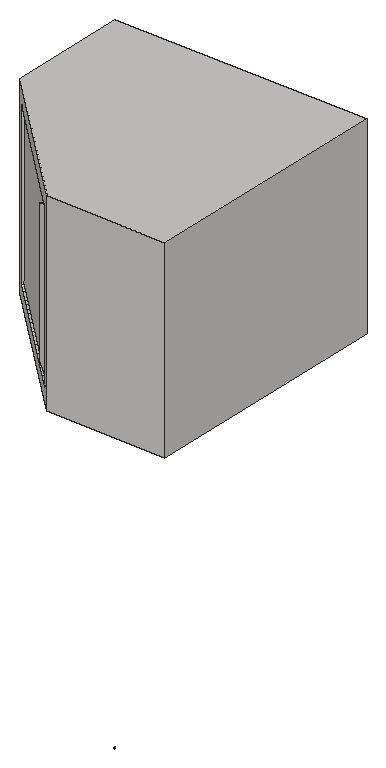
Revit family "QF_ELECTROLUXPROFESSIONAL_133123_PAB800EN", category Attrezzature speciali, Revit 2020
Family settings
  Quota connettore circolare = Usa diametro
  Tipo di parte = Normale
  Basato su piano di lavoro = No
  Sempre verticale = Sì
  Taglio con vuoti quando caricato = No
  Condiviso = No
  Punto di calcolo locali = No
Parameters (values of type "Standard")
  Weight = 18.00 kg
  Watts = 0 W
  Volts = 0 V
  URL Manufacturer = "https://www.electroluxprofessional.com/"
  URL = "https://www.electroluxprofessional.com/"
  Steam Supply Size = 0 mm
  Steam Supply Minimum Pressure = 0.0 Pa
  Steam Supply Maximum Pressure = 0.0 Pa
  Steam Consumption per Hour = 0
  Refrigeration Suction Line Size = 0.0 mm
  Refrigeration Liquid Line Size = 0.0 mm
  Refrigerant Compressor Remote = yes
  Prospetto di default = 0.0 mm
  Phase = 0
  Modello = "PAB800EN"
  Produttore = "Electrolux Professional"
  Length Actual = 850.0 mm  # constant formula
  Item Number = "133123"
  Hot Water Size = 0 mm
  Height Actual = 650.0 mm  # constant formula
  HP = "0 HP"
  Gas Size = 0 mm
  Gas KW = 0
  Gas Input Pressure = 0 W
  Direct Waste Size = 0 mm
  Descrizione = "CORNER TYPE WALL CUPBOARD WITH 1 DOOR"
  Depth Actual = 850.0 mm  # constant formula
  Cycle = 0 Hz
  Condensate Return Size = 0 mm
  Compressed Air Volume = 0.0 L/s
  Compressed Air Size = 0 mm
  Compressed Air Pressure = 0.0 Pa
  Cold Water Size = 0 mm
  Accessory = yes
Reference planes
  plane 1: z = 0
  plane 2 "Center (Left/Right)": through (-211.258, -36.758, 0) normal (0.7071, -0.7071, 0)
  plane 3 "Base": z = 2200
  plane 4 "BASE": z = 1550
  plane 5: through (-946.284, 371.916, 4000) normal (0.7071, 0.7071, 0)
  plane 6: through (-487.609, -14.003, 4000) normal (0.7071, -0.7071, 0)
  plane 7: y = -424.606
  plane 8 "Top": y = 425.394
  plane 9: x = -150
  plane 10: x = 250
  plane 11 "Left": x = -600
  plane 12: y = 25.394
Forms (mm)
  Extrusion 1, solid, material "QF_Finishes_Stainless Steel"
    sketch origin (0, 0, 1550) x (-1, 0, 0) y (0, -1, 0)
      loop
        line (133.752, 391.071) -> (130.216, 394.606) -> (126.681, 391.071) -> (130.216, 387.535) -> (133.752, 391.071)
    from 50 to 53
  Extrusion 2, solid, material "QF_Finishes_Stainless Steel"
    sketch origin (0, 0, 1550) x (-1, 0, 0) y (0, -1, 0)
      loop
        line (600, -425.394) -> (600, -25.632) -> (569.595, 4.772) -> (548.382, -16.441) -> (570, -38.059) -> (570, -395.394) -> (-220.894, -395.394) -> (-220.894, 394.606) -> (137.335, 394.606) -> (158.059, 373.882) -> (179.272, 395.095) -> (149.762, 424.606) -> (-250.894, 424.606) -> (-250.894, -425.394) -> (600, -425.394)
    from 50 to 595
  Extrusion 3, solid, material "QF_Finishes_Stainless Steel"
    sketch origin (0, 0, 1550) x (-1, 0, 0) y (0, -1, 0)
      loop
        line (600, -425.394) -> (600, -25.632) -> (149.762, 424.606) -> (-250.894, 424.606) -> (-250.894, -425.394) -> (600, -425.394)
    from 0 to 50
  Extrusion 4, solid, material "QF_Finishes_Stainless Steel"
    sketch origin (0, 0, 0) x (1, 0, 0) y (0, 1, 0)
      loop
        line (-600, 425.394) -> (-600, 423.388) -> (-598, 423.388) -> (-598, 425.394) -> (-600, 425.394)
    from 0 to 1.6
  Extrusion 5, solid, material "QF_Finishes_Stainless Steel"
    sketch origin (0, 0, 1550) x (-1, 0, 0) y (0, -1, 0)
      loop
        line (600, -425.394) -> (600, -25.632) -> (149.762, 424.606) -> (-250.894, 424.606) -> (-250.894, -425.394) -> (600, -425.394)
    from 595 to 650
Cuts and joins
  joined: Extrusion 2, Extrusion 3, Extrusion 5
Lines and regions (mm)
  symbolic lines, style "SpecialityEquipment"
    curve 1: line (246.651, -424.606, 1550) -> (-149.762, -424.606, 1550)
    curve 2: line (-600, 425.394, 1550) -> (-600, 25.632, 1550)
    curve 3: line (250.894, 425.394, 1550) -> (-600, 425.394, 1550)
    curve 4: line (250.894, -424.606, 1550) -> (250.894, 425.394, 1550)
    curve 5: line (-600, 25.632, 1550) -> (-149.762, -424.606, 1550)
    curve 6: line (250.894, 425.394, 0) -> (-600, 25.632, 0)
    curve 7: line (250.894, 425.394, 0) -> (-149.574, -424.794, 0)
Dimensions and locks
  plane 4 "BASE" to level = 1550.0 mm
  locked: plane 3 "Base" to plane 4 "BASE" at 650
  plane 10 to plane 9 = 400.0 mm
  plane 10 to plane 11 "Left" = 850.0 mm
  plane 8 "Top" to plane 12 = 400.0 mm
  plane 8 "Top" to plane 7 = 850.0 mm
  aligned and locked: level to plane 1
Nested families
  nested 1: "H650_530ang_1SLIDEDOOR" at (-354.581, -163.17, 1875) x (-0.7071, 0.7071, 0) z (-0.7071, -0.7071, 0), type "H650_530ang_1SLIDEDOOR"
    with Show Clearance yes
Definition of nested family "H650_530ang_1SLIDEDOOR"
  Parameters
    WidthDoor [instance] = 636.0 mm
    Show Clearance [instance] = yes
    Model = "727995"
    HeightDoor = 650.0 mm
    Default Elevation = 0.0 mm
  Reference planes
    plane 1 "Center (Front/Back)": y = 0
    plane 2: z = 0
    plane 3 "Center (Left/Right)": x = -11.958
    plane 4 "panel": z = 25
    plane 5 "High": y = 325
    plane 6 "Low": y = -325
    plane 7 "Left": x = -329.958
    plane 8: x = -284.958
    plane 9 "Right": x = 306.042
    plane 10: x = 264.042
    plane 11: x = -287.958
    plane 12: x = 261.042
    plane 13: y = 260
    plane 14: y = -265
    plane 15: z = 40.034
  Forms (mm)
    Extrusion 1, solid
      sketch origin (0, -919.2, 0) x (1, 0, 0) y (0, 1, 0)
        loop
          line (-980.5, 2119.2) -> (-980.5, -162.846) -> (881.94, -162.846) -> (881.94, 2119.2) -> (-980.5, 2119.2)
      from 0 to -59.546
    Extrusion 2, solid
      sketch origin (552.042, 0, 0) x (-1, 0, 0) y (0, 0, -1)
        loop
          line (288.67, -35) -> (772, -35) -> (807, -20) -> (837, -20) -> (837, 0) -> (288.67, 0) -> (288.67, -35)
      from 265 to -260
    Extrusion 3, solid
      sketch origin (0, 0, 0) x (1, 0, 0) y (0, 0, 1)
        loop
          line (-242.958, 49) -> (-270.958, 34) -> (-284.958, 20) -> (-282.13, 20) -> (-269.753, 32.377) -> (-242.014, 47.237) -> (-242.958, 49)
      from -260 to 265
    Extrusion 4, void
      sketch origin (0, 0, 0) x (1, 0, 0) y (0, 1, 0)
        loop
          line (-237.458, -265) -> (-237.458, -213.25) -> (-271.958, -265) -> (-237.458, -265)
        loop
          line (-242.014, 260) -> (-252.014, 260)
          arc (-252.014, 260) -> (-244.943, 257.071) -> (-242.014, 250) r 10
          line (-242.014, 250) -> (-242.014, 260)
      from 28.426 to 53.364
    Extrusion 5, solid, detail levels coarse
      sketch origin (0, 0, 0) x (1, 0, 0) y (0, 0, 1)
        loop
          line (261.042, 40.034) -> (261.042, 531.034)
          arc (261.042, 531.034) -> (-109.961, 394.515) -> (-284.958, 40.034) r 533.141
          line (-284.958, 40.034) -> (261.042, 40.034)
      from -260 to 265
  Cuts and joins
    Extrusion 4 cuts Extrusion 3
  Lines and regions (mm)
    symbolic lines
      curve 1: line (261.042, 0, 40.034) -> (261.042, 0, 531.034)
      curve 2: arc (261.042, 0, 531.034) -> (-109.961, 0, 394.515) -> (-284.958, 0, 40.034) r 533.141
  Dimensions and locks
    plane 4 "panel" to level = 25.0 mm
    "WidthDoor": plane 7 "Left" to plane 9 "Right"
    equal spacing: plane 7 "Left", plane 3 "Center (Left/Right)", plane 9 "Right"
    locked: plane 7 "Left" to plane 11 at 42
    locked: plane 11 to plane 8 at 3
    locked: plane 12 to plane 10 at 3
    equal spacing: plane 6 "Low", plane 1 "Center (Front/Back)", plane 5 "High"
    "HeightDoor": plane 6 "Low" to plane 5 "High"
    plane 6 "Low" to plane 14 = 60.0 mm
    plane 13 to plane 5 "High" = 65.0 mm
    locked: plane 10 to plane 9 "Right" at 42
    plane 15 to Extrusion 1 = 40.034 mm
    aligned and locked: plane 2 to Extrusion 1
    aligned and locked: level to Extrusion 1
  Automatic sketch dimensions
    Extrusion 1 sketch curve to Extrusion 1 sketch curve = 1862.44 mm
    Extrusion 1 sketch curve to Extrusion 1 sketch curve = 2282.046 mm
    plane 8 to Extrusion 3 sketch curve = 0.0 mm
    plane 4 "panel" to Extrusion 3 sketch curve = 9.0 mm
    Extrusion 3 sketch curve to plane 8 = 14.0 mm
    plane 4 "panel" to Extrusion 3 sketch curve = 7.377 mm
    Extrusion 3 sketch curve to plane 4 "panel" = 5.0 mm
    Extrusion 3 sketch curve to plane 8 = 2.828 mm
    Extrusion 2 sketch curve to level = 0.0 mm
    plane 8 to Extrusion 2 sketch curve = 0.0 mm
    Extrusion 2 sketch curve to Extrusion 2 sketch curve = 35.0 mm
    Extrusion 2 sketch curve to plane 10 = 0.67 mm
    plane 4 "panel" to Extrusion 2 sketch curve = 10.0 mm
    Extrusion 2 sketch curve to plane 8 = 65.0 mm
    Extrusion 2 sketch curve to plane 4 "panel" = 5.0 mm
    Extrusion 3 sketch curve to Extrusion 3 sketch curve = 1.205 mm
    Extrusion 3 sketch curve to Extrusion 3 sketch curve = 28.0 mm
    Extrusion 4 sketch curve to plane 14 = 0.0 mm
    Extrusion 4 sketch curve to plane 8 = 13.0 mm
    Extrusion 4 sketch curve to plane 13 = 10.0 mm
    Extrusion 4 sketch curve to plane 8 = 32.944 mm
    plane 13 to Extrusion 4 sketch curve = 0.0 mm
    Extrusion 4 sketch curve to Extrusion 4 sketch curve = 34.5 mm
    plane 14 to Extrusion 4 sketch curve = 51.75 mm
    plane 4 "panel" to Extrusion 3 sketch curve = 22.237 mm
    plane 8 to Extrusion 5 sketch curve = 0.0 mm
    Extrusion 5 sketch curve to plane 12 = 0.0 mm
    Extrusion 5 sketch curve to plane 15 = 0.0 mm
    Extrusion 5 sketch curve to level = 1.91 mm
    Extrusion 5 sketch curve to plane 12 = 14.511 mm
    plane 8 to curve 2 = 0.0 mm
    curve 2 to plane 12 = 0.0 mm
    curve 1 to plane 15 = 0.0 mm
    curve 2 to plane 15 = 0.0 mm
    curve 2 to level = 1.91 mm
    curve 2 to plane 12 = 14.511 mm
